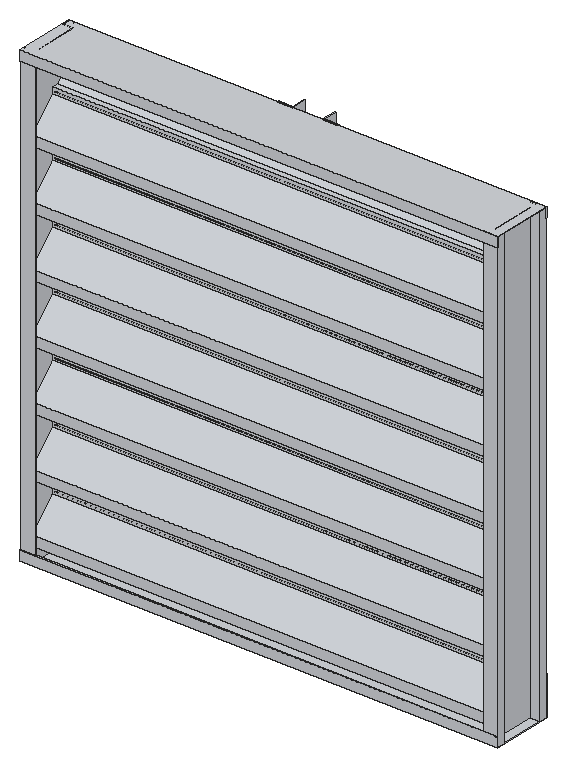
Revit family "SAFL-6", category Mechanical Equipment, Revit 2015
Parameters
  URL = "https://unitedenertech.com/catalog/pdf/A_28%20SAFL-6.pdf"
  Type Comments = "Max. Single Section Size is (48\"w x 72\"h)"
  Model = "SAFL-6"
  Manufacturer = "United Enertech Corporation"
  Exact Width = 4' - 0"
  Exact Height = 3' - 10"
  Description = "6\" Adjustable Steel Louver"
  Depth = 0' - 6.0956"
  Blade Spacing [instance] = 0' - 6"
  Blade Number [instance] = (Exact Height - 0' 6") / Blade Spacing  # 7
  BW [instance] = Exact Width - 0' 2 1/8" - 0' 0 1/8"  # 3' - 9 3/4"
Reference planes (in)
  plane 1 "Center (Front/Back)": y = 0
  plane 2: z = 0
  plane 3 "Center (Left/Right)": x = 0
  plane 4: z = 23
  plane 5: z = 46
  plane 6: x = -24
  plane 7: x = 24
  plane 8: y = -6.0956
  plane 9: z = 0.0478
  plane 10: z = 45.9522
  plane 11: y = -6.0478
  plane 12: y = -6
  plane 13: x = 23
  plane 14: x = -23
  plane 15: z = 45.47897
  plane 16: x = -3
  plane 17: x = 3
  plane 18: z = 44.18461
  plane 19: z = 3.5
  plane 20: z = 45.06736
Forms (in)
  Extrusion 1, solid
    sketch origin (46.49861, -55.54641, -15.25452) x (0, 1, 0) y (0, 0, 1)
      loop
        line (49.49861, 16.25452) -> (49.45081, 16.25452) -> (49.45081, 15.25452) -> (55.54641, 15.25452) -> (55.54641, 19.25452) -> (55.49861, 19.25452) -> (55.49861, 15.30232) -> (49.49861, 15.30232) -> (49.49861, 16.25452)
    from -70.49861 to -22.49861
  Extrusion 2, solid
    sketch origin (0, -23.64343, 27.14987) x (0, 1, 0) y (0, 0, 1)
      loop
        line (23.59563, 17.91749) -> (23.64343, 17.91749) -> (23.64343, 18.85013) -> (17.54783, 18.85013) -> (17.54783, 17.85013) -> (17.59563, 17.85013) -> (17.59563, 18.80233) -> (23.59563, 18.80233) -> (23.59563, 17.91749)
    from -24 to 24
  Extrusion 3, solid
    sketch origin (-47.18611, -18.38058, 0) x (1, 0, 0) y (0, 1, 0)
      loop
        line (24.68611, 12.33278) -> (24.68611, 12.38058) -> (23.23391, 12.38058) -> (23.23391, 13.03498) -> (24.23391, 13.03498) -> (24.23391, 17.63058) -> (23.23391, 17.63058) -> (23.23391, 18.28498) -> (24.68611, 18.28498) -> (24.68611, 18.33278) -> (23.18611, 18.33278) -> (23.18611, 17.58278) -> (24.18611, 17.58278) -> (24.18611, 13.08278) -> (23.18611, 13.08278) -> (23.18611, 12.33278) -> (24.68611, 12.33278)
    from 0.0478 to 45.9522
  Extrusion 4, solid
    sketch origin (47.18611, -18.38058, 0) x (-1, 0, 0) y (0, -1, 0)
      loop
        line (24.68611, -12.33278) -> (23.18611, -12.33278) -> (23.18611, -13.08278) -> (24.18611, -13.08278) -> (24.18611, -17.58278) -> (23.18611, -17.58278) -> (23.18611, -18.33278) -> (24.68611, -18.33278) -> (24.68611, -18.28498) -> (23.23391, -18.28498) -> (23.23391, -17.63058) -> (24.23391, -17.63058) -> (24.23391, -13.03498) -> (23.23391, -13.03498) -> (23.23391, -12.38058) -> (24.68611, -12.38058) -> (24.68611, -12.33278)
    from 0.0478 to 45.9522
  Extrusion 5, solid
    sketch origin (0, 0, 0) x (0, 1, 0) y (0, 0, 1)
      loop
        line (-3.0478, 0.0478) -> (-1.5478, 0.0478) -> (-1.5478, 0.1728) -> (-2.9228, 0.1728) -> (-2.9228, 1.5478) -> (-3.0478, 1.5478) -> (-3.0478, 0.0478)
    from -23 to 23
  Extrusion 6, solid
    sketch origin (0, 0, 0) x (1, 0, 0) y (0, 1, 0)
      loop
        line (-3, 0) -> (-1.5, 0) -> (-1.5, 1.5) -> (-1.625, 1.5) -> (-1.625, 0.125) -> (-3, 0.125) -> (-3, 0)
    from 0 to 46
  Extrusion 7, solid
    sketch origin (0, 0, 0) x (-1, 0, 0) y (0, -1, 0)
      loop
        line (-3, 0) -> (-3, -0.125) -> (-1.625, -0.125) -> (-1.625, -1.5) -> (-1.5, -1.5) -> (-1.5, 0) -> (-3, 0)
    from 0 to 46
  Extrusion 8, solid
    sketch origin (0, 0, 0) x (1, 0, 0) y (0, 1, 0)
      loop
        circle (0, 0.6882) r 0.17169
    from 3.5 to 45.06736
Dimensions and locks (in)
  equal spacing: plane 5, plane 4, level
  "Exact Height": plane 5 to level
  equal spacing: plane 6, plane 3 "Center (Left/Right)", plane 7
  "Exact Width": plane 6 to plane 7
  "Depth": plane 8 to plane 1 "Center (Front/Back)"
  locked: plane 9 to level at 0.0478
  locked: plane 5 to plane 10 at 0.0478
  locked: plane 8 to plane 11 at 0.0478
  locked: plane 8 to plane 12 at 0.0956
  locked: plane 13 to plane 7 at 1
  locked: plane 6 to plane 14 at 1
  locked: plane 5 to plane 15 at 0.52103
  equal spacing: group 1, group 2, group 3, group 4, group 5, group 11, group 12  (x2)
  equal spacing: group 12, group 11, group 5, group 4, group 3, group 2, group 1
  "Blade Spacing": nested 2 to nested 1
  equal spacing: plane 16, plane 3 "Center (Left/Right)", plane 17
  locked: plane 16 to plane 17 at 6
  locked: plane 5 to plane 18 at 1.81539
  equal spacing: group 6, group 7, group 8, group 9, group 10, group 13, group 14  (x2)
  equal spacing: group 14, group 13, group 10, group 9, group 8, group 7, group 6
  "Blade Spacing": nested 6 to nested 7
  locked: plane 19 to level at 3.5
  locked: plane 5 to plane 20 at 0.93264
  aligned and locked: level to plane 2
  aligned and locked: plane 6 to Extrusion 1
  aligned and locked: plane 7 to Extrusion 1
  aligned and locked: plane 5 to Extrusion 2
  aligned and locked: plane 6 to Extrusion 2
  aligned and locked: plane 7 to Extrusion 2
  aligned and locked: plane 6 to Extrusion 3
  aligned and locked: plane 7 to Extrusion 4
  aligned and locked: Extrusion 4 to plane 9
  aligned and locked: Extrusion 3 to plane 9
  aligned and locked: plane 10 to Extrusion 3
  aligned and locked: plane 10 to Extrusion 4
  aligned and locked: plane 14 to Extrusion 5
  aligned and locked: plane 13 to Extrusion 5
  aligned and locked: plane 3 "Center (Left/Right)" to nested 1
  aligned and locked: plane 15 to nested 1
  aligned and locked: plane 12 to nested 1
  aligned and locked: Extrusion 7 to level
  aligned and locked: Extrusion 6 to level
  aligned and locked: plane 5 to Extrusion 6
  aligned and locked: plane 5 to Extrusion 7
  aligned and locked: nested 6 to plane 18
  aligned and locked: Extrusion 8 to plane 19
  aligned and locked: Extrusion 2 to Extrusion 8
  aligned and locked: plane 20 to Extrusion 8
Automatic sketch dimensions
  Extrusion 1 sketch curve to plane 8 = 0' - 0"
  Extrusion 1 sketch curve to plane 11 = 0' - 0"
  plane 9 to Extrusion 1 sketch curve = 0' - 0"
  Extrusion 1 sketch curve to level = 0' - 0"
  Extrusion 1 sketch curve to plane 1 "Center (Front/Back)" = 0' - 0"
  plane 1 "Center (Front/Back)" to Extrusion 1 sketch curve = 0' - 0.0478"
  plane 9 to Extrusion 1 sketch curve = 0' - 0.9522"
  plane 9 to Extrusion 1 sketch curve = 0' - 3.9522"
  Extrusion 2 sketch curve to plane 5 = 0' - 0"
  Extrusion 2 sketch curve to plane 8 = 0' - 0"
  Extrusion 2 sketch curve to plane 10 = 0' - 0"
  Extrusion 2 sketch curve to plane 11 = 0' - 0"
  Extrusion 2 sketch curve to plane 1 "Center (Front/Back)" = 0' - 0"
  plane 1 "Center (Front/Back)" to Extrusion 2 sketch curve = 0' - 0.0478"
  Extrusion 2 sketch curve to plane 15 = 0' - 0.47897"
  Extrusion 2 sketch curve to plane 15 = 0' - 0.41161"
  Extrusion 3 sketch curve to plane 6 = 0' - 0"  (x2)
  Extrusion 3 sketch curve to plane 12 = 0' - 0"
  Extrusion 3 sketch curve to plane 14 = 0' - 0"
  Extrusion 3 sketch curve to plane 11 = 0' - 0"
  Extrusion 3 sketch curve to plane 6 = 0' - 0.0478"  (x2)
  Extrusion 3 sketch curve to plane 14 = 0' - 0.0478"
  plane 1 "Center (Front/Back)" to Extrusion 3 sketch curve = 0' - 0.0478"
  Extrusion 3 sketch curve to plane 14 = 0' - 0 1/2"  (x2)
  Extrusion 3 sketch curve to plane 12 = 0' - 0.6544"
  Extrusion 3 sketch curve to Extrusion 3 sketch curve = 0' - 0.0478"  (x3)
  plane 1 "Center (Front/Back)" to Extrusion 3 sketch curve = 0' - 0.7978"
  Extrusion 4 sketch curve to plane 7 = 0' - 0"  (x2)
  plane 12 to Extrusion 4 sketch curve = 0' - 0"
  Extrusion 4 sketch curve to plane 13 = 0' - 0"
  plane 11 to Extrusion 4 sketch curve = 0' - 0"
  plane 7 to Extrusion 4 sketch curve = 0' - 0.0478"  (x2)
  plane 13 to Extrusion 4 sketch curve = 0' - 0.0478"
  Extrusion 4 sketch curve to plane 1 "Center (Front/Back)" = 0' - 0.0478"
  plane 13 to Extrusion 4 sketch curve = 0' - 0 1/2"  (x2)
  plane 12 to Extrusion 4 sketch curve = 0' - 0.6544"
  Extrusion 4 sketch curve to Extrusion 4 sketch curve = 0' - 0.0478"  (x3)
  Extrusion 4 sketch curve to plane 1 "Center (Front/Back)" = 0' - 0.7978"
  Extrusion 5 sketch curve to plane 9 = 0' - 0"
  Extrusion 5 sketch curve to plane 12 = 0' - 2.9522"
  Extrusion 5 sketch curve to Extrusion 5 sketch curve = 0' - 0 1/8"
  Extrusion 5 sketch curve to Extrusion 5 sketch curve = 0' - 1 3/8"  (x2)
  plane 9 to Extrusion 5 sketch curve = 0' - 0 1/8"
  plane 1 "Center (Front/Back)" to Extrusion 6 sketch curve = 0' - 0"
  Extrusion 6 sketch curve to plane 16 = 0' - 0"
  plane 16 to Extrusion 6 sketch curve = 0' - 1 3/8"
  Extrusion 6 sketch curve to Extrusion 6 sketch curve = 0' - 0 1/8"  (x2)
  Extrusion 6 sketch curve to Extrusion 6 sketch curve = 0' - 1 3/8"
  plane 1 "Center (Front/Back)" to Extrusion 7 sketch curve = 0' - 0"
  Extrusion 7 sketch curve to plane 17 = 0' - 0"
  Extrusion 7 sketch curve to plane 17 = 0' - 1 3/8"
  Extrusion 7 sketch curve to Extrusion 7 sketch curve = 0' - 0 1/8"  (x2)
  Extrusion 7 sketch curve to Extrusion 7 sketch curve = 0' - 1 3/8"
  Extrusion 8 sketch curve to plane 3 "Center (Left/Right)" = 0' - 0"
  Extrusion 8 sketch curve to plane 1 "Center (Front/Back)" = 0' - 0.6882"
  radius of Extrusion 8 sketch curve = 0' - 0.17169"
Nested families (in)
  nested 1: "SAFLBLADE" at (0, 1.08359, 36.91727), type "SAFLBLADE"
    with BW 3' - 9 3/4"
  nested 2: "SAFLBLADE" at (0, 1.08359, 30.91727), type "SAFLBLADE"
    with BW 3' - 9 3/4"
  nested 3: "SAFLBLADE" at (0, 1.08359, 24.91727), type "SAFLBLADE"
    with BW 3' - 9 3/4"
  nested 4: "SAFLBLADE" at (0, 1.08359, 18.91727), type "SAFLBLADE"
    with BW 3' - 9 3/4"
  nested 5: "SAFLBLADE" at (0, 1.08359, 12.91727), type "SAFLBLADE"
    with BW 3' - 9 3/4"
  nested 6: "AFLBRACK" at (2.67149, -1.321, 43.20822) x (1, 0, 0) z (0, 0.7193, -0.6947), type "AFLBRACK"
  nested 7: "AFLBRACK" at (2.67149, -1.321, 37.20822) x (1, 0, 0) z (0, 0.7193, -0.6947), type "AFLBRACK"
  nested 8: "AFLBRACK" at (2.67149, -1.321, 31.20822) x (1, 0, 0) z (0, 0.7193, -0.6947), type "AFLBRACK"
  nested 9: "AFLBRACK" at (2.67149, -1.321, 25.20822) x (1, 0, 0) z (0, 0.7193, -0.6947), type "AFLBRACK"
  nested 10: "AFLBRACK" at (2.67149, -1.321, 19.20822) x (1, 0, 0) z (0, 0.7193, -0.6947), type "AFLBRACK"
  nested 11: "SAFLBLADE" at (0, 1.08359, 6.91727), type "SAFLBLADE"
    with BW 3' - 9 3/4"
  nested 12: "SAFLBLADE" at (0, 1.08359, 0.91727), type "SAFLBLADE"
    with BW 3' - 9 3/4"
  nested 13: "AFLBRACK" at (2.67149, -1.321, 13.20822) x (1, 0, 0) z (0, 0.7193, -0.6947), type "AFLBRACK"
  nested 14: "AFLBRACK" at (2.67149, -1.321, 7.20822) x (1, 0, 0) z (0, 0.7193, -0.6947), type "AFLBRACK"
Definition of nested family "SAFLBLADE"
  Parameters (values of type "SAFLBLADE")
    BW = 2' - 0"
  Reference planes (in)
    plane 1 "Center (Front/Back)": y = 0
    plane 2: z = 0
    plane 3 "Center (Left/Right)": x = 0
    plane 4: x = -12
    plane 5: x = 12
  Forms (in)
    Extrusion 1, solid
      sketch origin (0, 0.375, -0.64952) x (0, 1, 0) y (0, 0, 1)
        loop
          circle (-4.50859, 5.26122) r 0.25
      from -12 to 12
    Extrusion 2, solid
      sketch origin (0, 0.375, -0.64952) x (0, 1, 0) y (0, 0, 1)
        loop
          line (-1.93359, 9.21122) -> (-1.93359, 9.16342) -> (-1.60639, 9.16342) -> (-1.60639, 8.23101) -> (-4.22989, 5.60752) -> (-4.85489, 5.60752) -> (-4.85489, 4.98252) -> (-7.45859, 2.37881) -> (-7.45859, 1.37881) -> (-7.08359, 1.37881) -> (-7.08359, 1.42661) -> (-7.41079, 1.42661) -> (-7.41079, 2.35902) -> (-4.80709, 4.96272) -> (-4.80709, 5.55972) -> (-4.2101, 5.55972) -> (-1.55859, 8.21122) -> (-1.55859, 9.21122) -> (-1.93359, 9.21122)
      from -12 to 12
  Dimensions and locks (in)
    equal spacing: plane 5, plane 3 "Center (Left/Right)", plane 4
    "BW": plane 5 to plane 4
    aligned and locked: level to plane 2
    aligned and locked: Extrusion 2 to plane 5
    aligned and locked: Extrusion 1 to plane 5
    aligned and locked: Extrusion 2 to plane 4
    aligned and locked: Extrusion 1 to plane 4
  Automatic sketch dimensions
    plane 1 "Center (Front/Back)" to Extrusion 1 sketch curve = 0' - 4.13359"
    level to Extrusion 1 sketch curve = 0' - 4.6117"
    level to Extrusion 2 sketch curve = 0' - 1.7293"
    plane 1 "Center (Front/Back)" to Extrusion 2 sketch curve = 0' - 7.08359"
    Extrusion 2 sketch curve to Extrusion 2 sketch curve = 0' - 0.0478"  (x6)
    Extrusion 2 sketch curve to Extrusion 2 sketch curve = 0' - 0.3272"  (x2)
    Extrusion 2 sketch curve to Extrusion 2 sketch curve = 0' - 2.5559"
    Extrusion 2 sketch curve to Extrusion 2 sketch curve = 0' - 0.5772"
    Extrusion 2 sketch curve to Extrusion 2 sketch curve = 0' - 0.0198"  (x4)
    plane 1 "Center (Front/Back)" to Extrusion 2 sketch curve = 0' - 1 143/256"
    level to Extrusion 2 sketch curve = 0' - 0.7771"
    Extrusion 2 sketch curve to Extrusion 2 sketch curve = 0' - 2.6037"  (x2)
    Extrusion 2 sketch curve to Extrusion 2 sketch curve = 0' - 0.597"
    Extrusion 2 sketch curve to Extrusion 2 sketch curve = 0' - 0.9324"
    radius of Extrusion 1 sketch curve = 0' - 0 1/4"
Definition of nested family "AFLBRACK"
  Reference planes (in)
    plane 1 "Center (Front/Back)": y = 0
    plane 2: z = 0
    plane 3 "Center (Left/Right)": x = 0
  Forms (in)
    Extrusion 1, solid
      sketch origin (-2.68978, 0, 0) x (1, 0, 0) y (0, 1, 0)
        loop
          line (-0.87301, 0.90078) -> (-0.86465, 0.86958) -> (-0.8419, 0.84683) -> (-0.8093, 0.83809) -> (-0.779, 0.84621) -> (-0.75683, 0.86838) -> (-0.74808, 0.90104) -> (-0.77994, 0.95397) -> (-0.81168, 0.96248) -> (-0.8425, 0.95422) -> (-0.86483, 0.93188) -> (-0.87301, 0.90078)
        loop
          line (-0.93538, 0.9154) -> (-0.93206, 0.86544) -> (-0.64736, 0.48722) -> (-0.58911, 0.45359) -> (-0.52742, 0.45359) -> (-0.46383, 0.48167) -> (-0.23166, 0.68275) -> (0.26824, 0.68275) -> (0.50644, 0.47916) -> (0.55228, 0.45269) -> (0.60696, 0.44805) -> (0.65295, 0.46335) -> (0.70069, 0.51109) -> (0.94703, 0.8246) -> (0.96905, 0.87284) -> (0.96905, 0.92278) -> (0.94661, 0.97737) -> (0.90851, 1.01547) -> (0.38693, 1.41977) -> (0.34918, 1.44157) -> (0.30813, 1.44599) -> (-0.27279, 1.44599) -> (-0.31429, 1.44029) -> (-0.34963, 1.41988) -> (-0.8889, 0.99856) -> (-0.91859, 0.96157) -> (-0.93538, 0.9154)
        loop
          line (0.84768, 0.83809) -> (0.87798, 0.84621) -> (0.90014, 0.86838) -> (0.90014, 0.93086) -> (0.87703, 0.95397) -> (0.84529, 0.96248) -> (0.81448, 0.95422) -> (0.79214, 0.93188) -> (0.78396, 0.90078) -> (0.79232, 0.86958) -> (0.81508, 0.84683) -> (0.84768, 0.83809)
      from 0 to 0.05
    Extrusion 2, solid
      sketch origin (-2.46819, 0, 2.56842) x (0, 0, -1) y (0, 1, 0)
        loop
          line (2.51842, 0.68327) -> (2.51842, 1.44594) -> (2.51176, 1.51478) -> (2.48916, 1.57964) -> (2.45293, 1.63829) -> (2.40233, 1.68888) -> (2.34486, 1.72864) -> (2.27938, 1.75164) -> (2.20777, 1.75915) -> (2.13925, 1.75208) -> (2.0744, 1.72832) -> (2.01055, 1.69145) -> (1.9628, 1.63668) -> (1.93051, 1.59239) -> (1.90399, 1.52215) -> (1.8947, 1.44597) -> (1.9075, 1.36441) -> (1.93504, 1.29244) -> (1.97741, 1.23669) -> (2.51842, 0.68327)
        loop
          line (2.41231, 1.4628) -> (2.40418, 1.50788) -> (2.3851, 1.55473) -> (2.35036, 1.5984) -> (2.30889, 1.63032) -> (2.27559, 1.64577) -> (2.24019, 1.65526) -> (2.19928, 1.65862) -> (2.14577, 1.65218) -> (2.1015, 1.63538) -> (2.05219, 1.60094) -> (2.01547, 1.55605) -> (1.99249, 1.50441) -> (1.9852, 1.44645) -> (1.99277, 1.39034) -> (2.01379, 1.3377) -> (2.04799, 1.29226) -> (2.09253, 1.25839) -> (2.14269, 1.23795) -> (2.19928, 1.23067) -> (2.25419, 1.23779) -> (2.31337, 1.26524) -> (2.36192, 1.30922) -> (2.3931, 1.35849) -> (2.40864, 1.40578) -> (2.41231, 1.4628)
      from 0 to 0.05
    Extrusion 3, solid
      sketch origin (-2.87479, 0, 2.56842) x (0, 0, -1) y (0, -1, 0)
        loop
          line (2.51842, -0.68327) -> (1.97741, -1.23669) -> (1.93504, -1.29244) -> (1.9075, -1.36441) -> (1.8947, -1.44597) -> (1.90399, -1.52215) -> (1.93051, -1.59239) -> (1.9628, -1.63668) -> (2.01055, -1.69145) -> (2.0744, -1.72832) -> (2.13925, -1.75208) -> (2.20777, -1.75915) -> (2.27938, -1.75164) -> (2.34486, -1.72864) -> (2.40233, -1.68888) -> (2.45293, -1.63829) -> (2.48916, -1.57964) -> (2.51176, -1.51478) -> (2.51842, -1.44594) -> (2.51842, -0.68327)
        loop
          line (2.41231, -1.4628) -> (2.40864, -1.40578) -> (2.3931, -1.35849) -> (2.36192, -1.30922) -> (2.31337, -1.26524) -> (2.25419, -1.23779) -> (2.19928, -1.23067) -> (2.14269, -1.23795) -> (2.09253, -1.25839) -> (2.04799, -1.29226) -> (2.01379, -1.3377) -> (1.99277, -1.39034) -> (1.9852, -1.44645) -> (1.99249, -1.50441) -> (2.01547, -1.55605) -> (2.05219, -1.60094) -> (2.1015, -1.63538) -> (2.14577, -1.65218) -> (2.19928, -1.65862) -> (2.24019, -1.65526) -> (2.27559, -1.64577) -> (2.30889, -1.63032) -> (2.35036, -1.5984) -> (2.3851, -1.55473) -> (2.40418, -1.50788) -> (2.41231, -1.4628)
      from 0 to 0.05
    Extrusion 4, solid
      sketch origin (0, 0, 0) x (0, 1, 0) y (0, 0, 1)
        loop
          circle (1.44593, 0.36759) r 0.25
      from -2.89968 to -2.44346
    Extrusion 5, solid
      sketch origin (0, 0.21736, 1.14039) x (1, 0, 0) y (0, 0.71934, -0.694658)
        loop
          circle (-2.67211, 1.44599) r 0.13823
      from 0.36066 to 1.36337
    Extrusion 6, solid
      sketch origin (0, 0.21736, 1.14039) x (1, 0, 0) y (0, 0.694658, 0.71934)
        loop
          circle (-2.67801, 1.03548) r 0.25
      from -1.61222 to -1.27315
  Dimensions and locks (in)
    aligned and locked: level to plane 2
